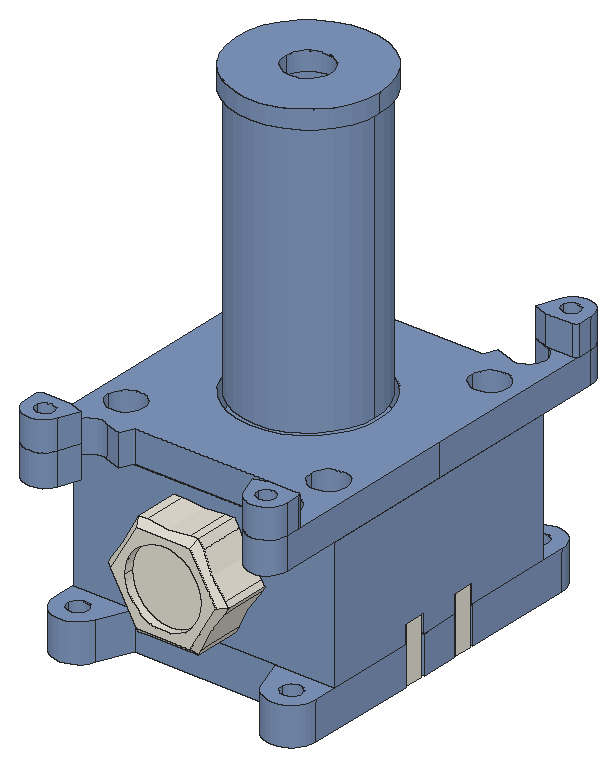
Revit family "Grohe_RoughInBox_GrohthermF_35107000", category Plumbing Fixtures, host Face, Revit 2020
Family settings
  Host = Face
  Round Connector Dimension = Use Diameter
  Part Type = Normal
  OmniClass Number = 23.45.05.00
  OmniClass Title = Sanitary Equipment
  Cut with Voids When Loaded = No
  Shared = No
  Room Calculation Point = No
Parameters (values of type "GROHTHERM F Rough-in box for wall shower union (35107000)")
  _ObjectUserGuide = "https://www.bimstore.co/products/grohe-35107000/document/object-user-guide"
  _DistributedBy = "https://www.bimstore.co/"
  _CurrentRevision = 1
  _CreatedBy = "https://www.bimstore.co/"
  _BimSpecGuid = 0
  _BSBibleVersion = 17
  _AuthorizedBy = "bimstore"
  _Author = "RL 146"
  WarrantyStartDate [instance] = "Please Record On Commissioning."
  WarrantyGuarantorParts = "info-uk@grohe.com"
  WarrantyGuarantorLabor = "info-uk@grohe.com"
  WarrantyDurationUnit = "Years"
  WarrantyDurationParts = "0"
  WarrantyDurationLabor = "0"
  WarrantyDescription = "n/a"
  URL = "https://www.grohe.co.uk/"
  TypeName = "GROHTHERM F Rough-in box for wall shower union"
  Type Comments = "GROHTHERM F Rough-in box for wall shower union"
  TPIDocumentLink = "n/a"
  SustainabilityReport = "green.grohe.com/reporting"
  SustainabilityAward = "green.grohe.com/awards"
  SpareParts = "info-uk@grohe.com"
  Size = "n/a"
  Shape = "n/a"
  SerialNumber [instance] = "Please Record On Commissioning."
  SecondaryMaterial = Grohe_Nickel
  ReplacementCost = "n/a"
  ReferencedStandard = "n/a"
  ProductionYear = "2023"
  ProductType = "n/a"
  ProductShortText = "n/a"
  ProductPageURL = "https://www.grohe.co.uk/en_gb/rough-in-box-for-wall-shower-union-26-878-000-35107000.html"
  ProductNumber = "35107000"
  ProductDescription = "n/a"
  PrimaryMaterial = Grohe_BluePaintedMetal
  PQDiagramLink = "n/a"
  NominalLength = 0.0 mm
  NominalHeight = 0.0 mm
  NominalDepth = 0.0 mm
  NBSReference = "n/a"
  NBSOfficeMasterTag = "n/a"
  NBSObjectName = "n/a"
  NBSNote = "n/a"
  NBSDescription = "n/a"
  ModelReference = "GROHTHERM F Rough-in box for wall shower union"
  ModelNumber = "35107000"
  Model = "GROHTHERM F Rough-in box for wall shower union"
  Material = "n/a"
  ManufacturerName = "Grohe"
  Manufacturer = "Grohe"
  Keynote = "N13"
  InstallationDate [instance] = "Please Record On Commissioning."
  IfcExportType = "IfcPipeFittingType"
  IfcExportAs = "IfcPipeFitting"
  Grade = "n/a"
  GROHESustainability = "green.grohe.com"
  GROHESocialCommittment = "green.grohe.com/social_engagement"
  FullRecyclabilityOfPlastic = "All plastic components are fully recycable"
  Finish = "n/a"
  Features = "n/a"
  ExpectedLife = 0
  Ecojoy = no
  EF025385 = "0"
  EF023686 = "Aluminum"
  EF023452 = "1/2 inch"
  EF022726 = "Internal thread"
  EF021480 = yes
  EF002671 = "Other"
  EF000010 = "EV000868"
  DurationUnit = "Years"
  DocumentationTechnical = "https://www.bimstore.co/products/grohe-35107000/document/technical-data-sheet"
  DocumentationMaintenance = "https://www.bimstore.co/products/grohe-35107000/document/maintenance-information"
  DocumentationLiterature = "https://www.bimstore.co/products/grohe-35107000/document/product-literature"
  DocumentationInstallationGuide = "https://www.bimstore.co/products/grohe-35107000/document/installation-guide"
  DocumentationCertificates = "https://www.bimstore.co/products/grohe-35107000/document/product-certificates"
  DimensionsDocumentLink = "n/a"
  Description = "GROHTHERM F Rough-in box for wall shower union"
  Default Elevation = 0.0 mm
  CreatedOn = "2023-08-14T:09:00:00"
  CreatedBy = "info-uk@grohe.com"
  CradleToCradleCertification = "n/a"
  Cost = 0
  Constituents = "n/a"
  Color = "Chrome"
  CodePerformance = "n/a"
  ClassificationValue = "n/a"
  ClassificationName = "Uniclass2015"
  CO2NeutralProduction = "GROHE is one of the first leading manufacturer within the sanitary industry having a CO2-neutral production."
  BarCode [instance] = "Please Record On Commissioning."
  BIMObjectName = "Grohe_RoughInBox_GrohthermF_35107000"
  AssetType = "Fixed"
  AssetIdentifier [instance] = "n/a"
  Assembly Code = "D2010"
  AccessibilityPerformance = "n/a"
Reference planes
  plane 1 "Center (Front/Back)": y = 0
  plane 2: z = 0
  plane 3 "Center (Left/Right)": x = 0
  plane 4: z = -33.261
Forms (mm)
  Extrusion 1, solid, material "Grohe_BluePaintedMetal" <- "PrimaryMaterial"
    sketch origin (0, 0, -60.4) x (1, 0, 0) y (0, 1, 0)
      loop
        arc (-21.823, 42.549) -> (-29.03, 46.71) -> (-34.379, 40.335) r 6.474
        line (-34.379, 40.335) -> (-34.379, -40.335)
        arc (-34.379, -40.335) -> (-29.03, -46.71) -> (-21.823, -42.549) r 6.474
        line (-21.823, -42.549) -> (-18.201, -34.273) -> (18.769, -34.273) -> (21.783, -42.555)
        arc (21.783, -42.555) -> (28.993, -46.717) -> (34.344, -40.34) r 6.476
        line (34.344, -40.34) -> (34.344, 40.333)
        arc (34.344, 40.333) -> (28.994, 46.708) -> (21.787, 42.547) r 6.474
        line (21.787, 42.547) -> (18.806, 34.355) -> (-18.84, 34.355) -> (-21.823, 42.549)
      loop
        circle (-28, 40.449) r 2.65
      loop
        circle (28, 40.449) r 2.65
      loop
        circle (28, -40.551) r 2.65
      loop
        circle (-28, -40.551) r 2.65
    from 0 to 9.959
  Extrusion 2, solid, material "Grohe_BluePaintedMetal" <- "PrimaryMaterial"
    sketch origin (0, 0, -60.601) x (1, 0, 0) y (0, 0, 1)
      loop
        line (-34.13, 44.319) -> (-34.13, 9.959) -> (-18.201, 9.959) -> (-18.201, 0.498) -> (18.769, 0.498) -> (18.769, 9.959) -> (34.163, 9.959) -> (34.163, 44.319) -> (-34.13, 44.319)
    from -34.111 to 34.111
  Extrusion 3, solid, material "Grohe_BluePaintedMetal" <- "PrimaryMaterial"
    sketch origin (0, 0, -16.081) x (1, 0, 0) y (0, 1, 0)
      loop
        line (-19.479, 37.784) -> (-23.774, 36.221)
        arc (-23.774, 36.221) -> (-29.68, 38.975) -> (-26.926, 44.88) r 4.607
        line (-26.926, 44.88) -> (-22.596, 46.456) -> (-24.515, 51.621)
        arc (-24.515, 51.621) -> (-30.28, 54.844) -> (-34.379, 49.665) r 5.093
        line (-34.379, 49.665) -> (-34.379, 0) -> (-34.379, -49.665)
        arc (-34.379, -49.665) -> (-30.28, -54.844) -> (-24.515, -51.621) r 5.093
        line (-24.515, -51.621) -> (-22.596, -46.456) -> (-26.926, -44.88)
        arc (-26.926, -44.88) -> (-29.68, -38.975) -> (-23.774, -36.221) r 4.607
        line (-23.774, -36.221) -> (-19.479, -37.784) -> (-17.953, -34.355) -> (18.192, -34.355) -> (19.445, -37.797) -> (23.774, -36.221)
        arc (23.774, -36.221) -> (29.68, -38.975) -> (26.926, -44.88) r 4.607
        line (26.926, -44.88) -> (22.596, -46.456) -> (24.432, -51.5)
        arc (24.432, -51.5) -> (30.137, -54.872) -> (34.344, -49.752) r 5.093
        line (34.344, -49.752) -> (34.344, -0.003) -> (34.344, 49.752)
        arc (34.344, 49.752) -> (30.187, 54.862) -> (24.466, 51.597) r 5.093
        line (24.466, 51.597) -> (22.596, 46.456) -> (26.926, 44.88)
        arc (26.926, 44.88) -> (29.68, 38.975) -> (23.774, 36.221) r 4.607
        line (23.774, 36.221) -> (19.445, 37.797) -> (18.192, 34.355) -> (-18.231, 34.355) -> (-19.479, 37.784)
      loop
        circle (29, 49.949) r 2.32
      loop
        circle (29, -50.051) r 2.32
      loop
        circle (-29, -50.051) r 2.32
      loop
        circle (-29, 49.949) r 2.32
      loop
        circle (-26.517, 26.466) r 4.724
      loop
        circle (26.517, 26.466) r 4.724
      loop
        circle (-26.517, -26.567) r 4.724
      loop
        circle (26.517, -26.567) r 4.724
      loop
        circle (0, 0) r 18.769
    from 0 to 8.366
  Extrusion 4, solid, material "Grohe_BluePaintedMetal" <- "PrimaryMaterial"
    sketch origin (0, 0, -58.837) x (1, 0, 0) y (0, 1, 0)
      loop
        line (-34.379, 49.665) -> (-34.379, 46.222)
        arc (-34.379, 46.222) -> (-34.049, 45.423) -> (-33.25, 45.093) r 1.129
        line (-33.25, 45.093) -> (-26.342, 45.093) -> (-22.631, 46.443) -> (-24.503, 51.589)
        arc (-24.503, 51.589) -> (-30.264, 54.847) -> (-34.379, 49.665) r 5.093
      loop
        line (24.432, 51.5) -> (22.596, 46.456) -> (26.342, 45.093) -> (33.25, 45.093)
        arc (33.25, 45.093) -> (33.965, 45.354) -> (34.344, 46.015) r 1.11
        line (34.344, 46.015) -> (34.344, 49.752)
        arc (34.344, 49.752) -> (30.137, 54.872) -> (24.432, 51.5) r 5.093
      loop
        line (-24.471, -51.5) -> (-22.631, -46.443) -> (-26.256, -45.124) -> (-33.25, -45.124)
        arc (-33.25, -45.124) -> (-33.956, -45.356) -> (-34.379, -45.967) r 1.167
        line (-34.379, -45.967) -> (-34.379, -49.665)
        arc (-34.379, -49.665) -> (-30.217, -54.856) -> (-24.471, -51.5) r 5.093
      loop
        line (22.588, -46.432) -> (24.432, -51.5)
        arc (24.432, -51.5) -> (30.137, -54.872) -> (34.344, -49.752) r 5.093
        line (34.344, -49.752) -> (34.344, -46.051)
        arc (34.344, -46.051) -> (33.945, -45.434) -> (33.25, -45.194) r 1.126
        line (33.25, -45.194) -> (25.99, -45.194) -> (22.588, -46.432)
      loop
        circle (29, 49.949) r 2.32
      loop
        circle (29, -50.051) r 2.32
      loop
        circle (-29, -50.051) r 2.32
      loop
        circle (-29, 49.949) r 2.32
    from 51.122 to 58.837
  Extrusion 5, solid, material "Grohe_BluePaintedMetal" <- "PrimaryMaterial"
    sketch origin (0, 0, -52.034) x (1, 0, 0) y (0, 1, 0)
      loop
        circle (0, 0) r 17.553
      loop
        circle (0, 0) r 12
    from 44.319 to 116.256
  Extrusion 6, solid, material "Grohe_BluePaintedMetal" <- "PrimaryMaterial"
    sketch origin (0, 0, -52.034) x (1, 0, 0) y (0, 1, 0)
      loop
        circle (0, 0) r 18.769
      loop
        circle (0, 0) r 6
    from 116.256 to 121.105
  Extrusion 7, void
    sketch origin (0, 0, -60.601) x (0, 1, 0) y (0, 0, 1)
      loop
        line (11.034, 14.939) -> (4.892, 14.939) -> (4.892, 0) -> (11.034, 0) -> (11.034, 14.939)
      loop
        line (-4.892, 14.939) -> (-11.034, 14.939) -> (-11.034, 0) -> (-4.892, 0) -> (-4.892, 14.939)
    from -43.056 to 41.261
  Extrusion 8, solid, material "Grohe_Nickel" <- "SecondaryMaterial"
    sketch origin (0, 0, -60.357) x (1, 0, 0) y (0, 0, 1)
      loop
        line (7.885, 40.753) -> (5.652, 40.753)
        arc (5.652, 40.753) -> (0.001, 40.294) -> (-5.651, 40.753) r 35
        line (-5.651, 40.753) -> (-7.885, 40.753) -> (-9.052, 38.732)
        arc (-9.052, 38.732) -> (-11.57, 33.364) -> (-14.959, 28.498) r 35
        line (-14.959, 28.498) -> (-15.769, 27.095) -> (-14.892, 25.576)
        arc (-14.892, 25.576) -> (-11.349, 20.526) -> (-8.747, 14.932) r 35
        line (-8.747, 14.932) -> (-7.885, 13.439) -> (-5.651, 13.439)
        arc (-5.651, 13.439) -> (0.001, 13.898) -> (5.652, 13.439) r 35
        line (5.652, 13.439) -> (7.885, 13.439) -> (8.751, 14.939)
        arc (8.751, 14.939) -> (11.35, 20.526) -> (14.889, 25.57) r 35
        line (14.889, 25.57) -> (15.77, 27.096) -> (14.961, 28.498)
        arc (14.961, 28.498) -> (11.574, 33.361) -> (9.056, 38.725) r 35
        line (9.056, 38.725) -> (7.885, 40.753)
      loop
        circle (0, 27.096) r 10
    from -47.307 to 47.551
  Extrusion 9, solid, material "Grohe_Nickel" <- "SecondaryMaterial"
    sketch origin (0, 0, -60.357) x (1, 0, 0) y (0, 0, 1)
      loop
        circle (0, 27.096) r 10
    from -45.315 to 45.315
  Sweep 10, void
    path in 3D
      loop
        line (-7.885, 47.551, -19.604) -> (-15.77, 47.551, -33.261) -> (-7.885, 47.551, -46.918) -> (7.885, 47.551, -46.918) -> (15.77, 47.551, -33.261) -> (7.885, 47.551, -19.604) -> (-7.885, 47.551, -19.604)
    profile origin (0, 47.551, -19.604) x (0, -1, 0) y (0, 0, 1)
      loop
        line (1.797, 0) -> (1.797, 3.247) -> (-3.018, 3.247) -> (-3.018, -1.797) -> (0, -1.797) -> (1.797, 0)
  Extrusion 11, solid, material "Grohe_Nickel" <- "SecondaryMaterial"
    sketch origin (0, 0, -60.4) x (1, 0, 0) y (0, 1, 0)
      loop
        line (-34.998, 9.984) -> (-38.862, 11.019)
        arc (-38.862, 11.019) -> (-39.296, 10.933) -> (-39.491, 10.536) r 0.5
        line (-39.491, 10.536) -> (-39.491, 5.362)
        arc (-39.491, 5.362) -> (-39.296, 4.966) -> (-38.862, 4.88) r 0.5
        line (-38.862, 4.88) -> (-34.997, 5.915) -> (-34.13, 4.892) -> (29.863, 4.892) -> (34.163, 5.64) -> (34.163, 10.164) -> (29.99, 11.034) -> (-34.13, 11.034) -> (-34.998, 9.984)
      loop
        line (-34.998, -5.997) -> (-38.862, -4.962)
        arc (-38.862, -4.962) -> (-39.296, -5.048) -> (-39.491, -5.444) r 0.5
        line (-39.491, -5.444) -> (-39.491, -10.618)
        arc (-39.491, -10.618) -> (-39.296, -11.015) -> (-38.862, -11.101) r 0.5
        line (-38.862, -11.101) -> (-34.997, -10.066) -> (-34.13, -11.089) -> (29.863, -11.089) -> (34.163, -10.341) -> (34.163, -5.817) -> (29.99, -4.947) -> (-34.13, -4.947) -> (-34.998, -5.997)
    from 0 to 14.939
  Sweep 12, void
    path in 3D
      loop
        line (-7.885, -47.551, -19.604) -> (-15.77, -47.551, -33.261) -> (-7.885, -47.551, -46.918) -> (7.885, -47.551, -46.918) -> (15.77, -47.551, -33.261) -> (7.885, -47.551, -19.604) -> (-7.885, -47.551, -19.604)
    profile origin (0, -47.551, -19.604) x (0, -1, 0) y (0, 0, 1)
      loop
        line (-1.797, 0) -> (0, -1.797) -> (3.018, -1.797) -> (3.018, 3.247) -> (-1.797, 3.247) -> (-1.797, 0)
Cuts and joins
  Extrusion 7 cuts Extrusion 1
  Extrusion 7 cuts Extrusion 2
  Sweep 10, Sweep 12 cuts Extrusion 8
Lines and regions (mm)
  sketch lines
    curve 1: line (7.885, 47.551, -19.604) -> (-7.885, 47.551, -19.604)
    curve 2: line (15.77, 47.551, -33.261) -> (7.885, 47.551, -19.604)
    curve 3: line (7.885, 47.551, -46.918) -> (15.77, 47.551, -33.261)
    curve 4: line (-7.885, 47.551, -46.918) -> (7.885, 47.551, -46.918)
    curve 5: line (-15.77, 47.551, -33.261) -> (-7.885, 47.551, -46.918)
    curve 6: line (-7.885, 47.551, -19.604) -> (-15.77, 47.551, -33.261)
    curve 7: line (7.885, -47.551, -19.604) -> (-7.885, -47.551, -19.604)
    curve 8: line (15.77, -47.551, -33.261) -> (7.885, -47.551, -19.604)
    curve 9: line (7.885, -47.551, -46.918) -> (15.77, -47.551, -33.261)
    curve 10: line (-7.885, -47.551, -46.918) -> (7.885, -47.551, -46.918)
    curve 11: line (-15.77, -47.551, -33.261) -> (-7.885, -47.551, -46.918)
    curve 12: line (-7.885, -47.551, -19.604) -> (-15.77, -47.551, -33.261)
Dimensions and locks
  aligned and locked: plane 2 to host face
  aligned and locked: level to host face
Connectors
  piping at (0, 0, 69.071), diameter 12
    settings: on Extrusion 6, index 1, connector inside diameter 609.6 mm, connector length 0.0 mm, flow factor 0, pipe flow 0.0 L/s, pressure drop 0.0 Pa, fitting loss kfactor 0, connector angle 0.00°, fixture units 0, engagement length 0.0 mm, angle of deflection 0.00°, flow configuration 0, flow direction 2, fitting loss method 0, system type 19, joint type 0, gender type 0, connector reference index -1, connector utility 0, adjustable connector no, is connector primary yes, connector description "DHW Outlet"
  piping at (0, 47.307, -33.261), diameter 20
    settings: on cut or joined group of Extrusion 8, Sweep 10, Sweep 12, index 2, connector inside diameter 609.6 mm, connector length 0.0 mm, flow factor 0, pipe flow 0.0 L/s, pressure drop 0.0 Pa, fitting loss kfactor 0, connector angle 0.00°, fixture units 0, engagement length 0.0 mm, angle of deflection 0.00°, flow configuration 0, flow direction 1, fitting loss method 0, system type 19, joint type 0, gender type 0, connector reference index -1, connector utility 0, adjustable connector no, is connector primary no, connector description "DHW Inlet"
  piping at (0, -47.551, -33.261), diameter 20
    settings: on cut or joined group of Extrusion 8, Sweep 10, Sweep 12, index 3, connector inside diameter 609.6 mm, connector length 0.0 mm, flow factor 0, pipe flow 0.0 L/s, pressure drop 0.0 Pa, fitting loss kfactor 0, connector angle 0.00°, fixture units 0, engagement length 0.0 mm, angle of deflection 0.00°, flow configuration 0, flow direction 2, fitting loss method 0, system type 19, joint type 0, gender type 0, connector reference index -1, connector utility 0, adjustable connector no, is connector primary no, connector description "DHW Outlet"
